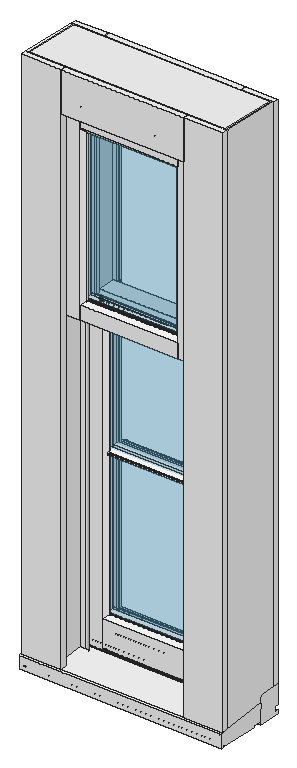
Revit family "B1-12", category Generic Models, Revit 2012
Parameters (values of type "Window Sill drawing")
  Width = 1600 mm
  Height = 1250 mm
  GlazingPanelMaterial = Glass
  Floor Material = White
Reference planes
  plane 1 "Center (Front/Back)": y = 0
  plane 2: z = 0
  plane 3 "Center (Left/Right)": x = 0
  plane 4: z = 1397
  plane 5: x = -800
  plane 6: y = -21.25
  plane 7: y = 152.75
  plane 8: x = -669
  plane 9: y = -21.25
  plane 10: z = 872.63
  plane 11: z = 828.63
  plane 12: z = 1297
  plane 13: z = 1311
  plane 14: z = 33
  plane 15: z = 129.004
  plane 16: z = 1315
  plane 17: z = 68
  plane 18: x = -288.504
  plane 19: x = -419.504
  plane 20: z = 1397
  plane 21: z = 1397
Forms (mm)
  Extrusion 1, solid, material "White" <- "Floor Material"
    sketch origin (250, 0, 562.324) x (0, 1, 0) y (0, 0, 1)
      loop
        arc (117, 270.705) -> (122.657, 273.048) -> (125, 278.705) r 8
        line (125, 278.705) -> (128, 278.705) -> (128, 283.705) -> (109, 283.705) -> (109, 271.705) -> (112, 271.705) -> (113, 267.705) -> (117, 267.705) -> (117, 270.705)
      loop
        line (105, 279.705) -> (89, 279.705) -> (89, 269.705) -> (105, 269.705) -> (105, 279.705)
      loop
        line (60, 266.306) -> (60, 292.705) -> (54, 292.705) -> (54, 295.705) -> (12, 295.705) -> (12, 311.705) -> (10, 311.705) -> (0, 301.705) -> (0, 266.306) -> (30.175, 266.306) -> (60, 266.306)
      loop
        line (34, 309.705) -> (18, 309.705) -> (18, 299.705) -> (34, 299.705) -> (34, 309.705)
      loop
        arc (55.274, 295.287) -> (54.259, 294.303) -> (55.243, 293.287) r 1
        line (55.243, 293.287) -> (62.742, 293.171) -> (62.804, 297.139) -> (64.817, 294.296)
        arc (64.817, 294.296) -> (66.131, 294.377) -> (66.253, 295.688) r 1.012
        line (66.253, 295.688) -> (63.331, 299.816)
        arc (63.331, 299.816) -> (61.849, 300.363) -> (60.806, 299.177) r 1.396
        line (60.806, 299.177) -> (60.744, 295.202) -> (55.274, 295.287)
    from -917.922 to -670.545
  Extrusion 2, solid, material "White" <- "Floor Material"
    sketch origin (1015, 13.291, 509.518) x (0, 1, 0) y (0, 0, 1)
      loop
        line (69.709, 336.511) -> (96.209, 336.511) -> (96.209, 363.113) -> (50.709, 363.113) -> (50.709, 359.511) -> (52.709, 349.511) -> (57.709, 349.511) -> (57.709, 339.968) -> (63.93, 339.968) -> (63.93, 336.511) -> (57.709, 336.511) -> (57.709, 320.511) -> (69.709, 320.511) -> (69.709, 336.511)
      loop
        line (53.709, 320.511) -> (53.709, 325.511) -> (51.709, 335.511) -> (46.709, 335.511) -> (46.709, 320.511) -> (53.709, 320.511)
      loop
        line (46.709, 364.511) -> (28.709, 364.511) -> (27.709, 360.511) -> (24.709, 360.511) -> (24.709, 348.511) -> (46.709, 348.511) -> (46.709, 364.511)
      loop
        arc (62.149, 337.126) -> (63.157, 338.117) -> (62.166, 339.126) r 1
        line (62.166, 339.126) -> (54.667, 339.191) -> (54.632, 335.222) -> (52.6, 338.052)
        arc (52.6, 338.052) -> (51.286, 337.962) -> (51.173, 336.65) r 1.012
        line (51.173, 336.65) -> (54.123, 332.542)
        arc (54.123, 332.542) -> (55.609, 332.005) -> (56.644, 333.198) r 1.396
        line (56.644, 333.198) -> (56.679, 337.174) -> (62.149, 337.126)
    from -1684 to -1434.582
  Extrusion 3, solid, material "White" <- "Floor Material"
    sketch origin (865, 123.171, 523.242) x (0, 1, 0) y (0, 0, 1)
      loop
        line (-14.171, 306.296) -> (-10.171, 306.787) -> (-11.171, 310.787) -> (-14.171, 310.787) -> (-14.171, 306.296)
      loop
        line (-38.171, 306.542) -> (-38.171, 309.542) -> (-40.171, 309.787) -> (-40.171, 306.787) -> (-38.171, 306.542)
      loop
        line (-85.171, 351.278) -> (-85.171, 346.787) -> (-82.171, 346.787) -> (-81.171, 350.787) -> (-85.171, 351.278)
      loop
        line (-111.171, 347.787) -> (-109.171, 348.033) -> (-109.171, 351.033) -> (-111.171, 350.787) -> (-111.171, 347.787)
    from -1534 to -1284.582
  Extrusion 4, solid, material "Glass" <- "GlazingPanelMaterial"
    sketch origin (150, 64.106, 220.533) x (0, 1, 0) y (0, 0, 1)
      loop
        line (44.88, -103.528) -> (44.88, 613.496) -> (40.88, 613.496) -> (40.88, -103.528) -> (44.88, -103.528)
      loop
        line (24.88, 611.496) -> (20.88, 611.496) -> (20.88, -103.528) -> (24.88, -103.528) -> (24.88, 611.496)
    from -819 to -569.582
  Extrusion 5, solid, material "White" <- "Floor Material"
    sketch origin (761.418, 125.498, 869.228) x (0, -0.121869, -0.992546) y (0, 0.992546, -0.121869)
      loop
        line (28.327, -57.65) -> (23.969, -54.354)
        arc (23.969, -54.354) -> (22.506, -54.612) -> (22.765, -56.075) r 1.05
        line (22.765, -56.075) -> (26.332, -58.837)
        arc (26.332, -58.837) -> (26.584, -59.776) -> (25.835, -60.396) r 0.9
        line (25.835, -60.396) -> (19.693, -61.15)
        arc (19.693, -61.15) -> (19.162, -61.383) -> (18.989, -61.936) r 0.7
        line (18.989, -61.936) -> (19.197, -63.633) -> (19.712, -64.398) -> (20.1, -67.562) -> (19.196, -66.76) -> (19.293, -67.554) -> (20.152, -68.225) -> (20.951, -68.183) -> (23.094, -67.324) -> (22.996, -66.53) -> (20.532, -66.978) -> (20.205, -64.315)
        arc (20.205, -64.315) -> (20.389, -63.651) -> (20.989, -63.312) r 0.9
        line (20.989, -63.312) -> (28.761, -62.358)
        arc (28.761, -62.358) -> (29.205, -62.1) -> (29.324, -61.601) r 0.65
        line (29.324, -61.601) -> (28.752, -58.33)
        arc (28.752, -58.33) -> (28.631, -57.932) -> (28.327, -57.65) r 0.798
    from -1430.418 to -1181
  Extrusion 6, solid, material "White" <- "Floor Material"
    sketch origin (911.418, 126.532, 870.463) x (0, -0.121869, -0.992546) y (0, 0.992546, -0.121869)
      loop
        arc (25.38, -55.148) -> (23.778, -55.428) -> (24.057, -57.03) r 1.15
        line (24.057, -57.03) -> (27.62, -59.789)
        arc (27.62, -59.789) -> (27.84, -60.623) -> (27.175, -61.172) r 0.8
        line (27.175, -61.172) -> (20.939, -61.931)
        arc (20.939, -61.931) -> (20.405, -62.232) -> (20.241, -62.823) r 0.8
        line (20.241, -62.823) -> (20.45, -64.52) -> (20.968, -65.312) -> (21.339, -68.337) -> (20.548, -67.635) -> (20.645, -68.429) -> (21.504, -69.1) -> (22.303, -69.058) -> (24.446, -68.2) -> (24.348, -67.406) -> (21.983, -67.835) -> (21.657, -65.178)
        arc (21.657, -65.178) -> (21.82, -64.588) -> (22.353, -64.287) r 0.8
        line (22.353, -64.287) -> (30.127, -63.332)
        arc (30.127, -63.332) -> (30.638, -63.034) -> (30.774, -62.459) r 0.75
        line (30.774, -62.459) -> (30.244, -59.424)
        arc (30.244, -59.424) -> (30.154, -58.918) -> (29.833, -58.516) r 1.042
        line (29.833, -58.516) -> (25.38, -55.148)
    from -1580.418 to -1331
  Extrusion 7, solid, material "White" <- "Floor Material"
    sketch origin (861.418, 121.497, 882.106) x (0, -0.121869, -0.992546) y (0, 0.992546, -0.121869)
      loop
        line (37.899, -55.316) -> (32.161, -55.997)
        arc (32.161, -55.997) -> (31.827, -56.184) -> (31.724, -56.554) r 0.5
        line (31.724, -56.554) -> (32.395, -62.021) -> (31.491, -61.219) -> (31.588, -62.013) -> (32.447, -62.684) -> (33.246, -62.642) -> (35.389, -61.784) -> (35.291, -60.989) -> (32.827, -61.437) -> (32.285, -57.019)
        arc (32.285, -57.019) -> (32.428, -56.659) -> (32.772, -56.479) r 0.558
        line (32.772, -56.479) -> (37.96, -55.818)
        arc (37.96, -55.818) -> (38.179, -55.536) -> (37.899, -55.316) r 0.253
    from -1530.418 to -1281
  Extrusion 8, solid, material "White" <- "Floor Material"
    sketch origin (-78.582, 5.502, 835.112) x (0, 0.121869, 0.992546) y (0, -0.992546, 0.121869)
      loop
        line (28.327, -57.65) -> (23.969, -54.354)
        arc (23.969, -54.354) -> (22.506, -54.612) -> (22.765, -56.075) r 1.05
        line (22.765, -56.075) -> (26.332, -58.837)
        arc (26.332, -58.837) -> (26.584, -59.776) -> (25.835, -60.396) r 0.9
        line (25.835, -60.396) -> (19.693, -61.15)
        arc (19.693, -61.15) -> (19.162, -61.383) -> (18.989, -61.936) r 0.7
        line (18.989, -61.936) -> (19.197, -63.633) -> (19.712, -64.398) -> (20.1, -67.562) -> (19.196, -66.76) -> (19.293, -67.554) -> (20.152, -68.225) -> (20.951, -68.183) -> (23.094, -67.324) -> (22.996, -66.53) -> (20.532, -66.978) -> (20.205, -64.315)
        arc (20.205, -64.315) -> (20.389, -63.651) -> (20.989, -63.312) r 0.9
        line (20.989, -63.312) -> (28.761, -62.358)
        arc (28.761, -62.358) -> (29.205, -62.1) -> (29.324, -61.601) r 0.65
        line (29.324, -61.601) -> (28.752, -58.33)
        arc (28.752, -58.33) -> (28.631, -57.932) -> (28.327, -57.65) r 0.798
    from -590.418 to -341
  Extrusion 9, solid, material "White" <- "Floor Material"
    sketch origin (736.418, 9.503, 822.234) x (0, 0.121869, 0.992546) y (0, -0.992546, 0.121869)
      loop
        line (37.899, -55.316) -> (32.161, -55.997)
        arc (32.161, -55.997) -> (31.827, -56.184) -> (31.724, -56.554) r 0.5
        line (31.724, -56.554) -> (32.395, -62.021) -> (31.491, -61.219) -> (31.588, -62.013) -> (32.447, -62.684) -> (33.246, -62.642) -> (35.389, -61.784) -> (35.291, -60.989) -> (32.827, -61.437) -> (32.285, -57.019)
        arc (32.285, -57.019) -> (32.428, -56.659) -> (32.772, -56.479) r 0.558
        line (32.772, -56.479) -> (37.96, -55.818)
        arc (37.96, -55.818) -> (38.179, -55.536) -> (37.899, -55.316) r 0.253
    from -1405.418 to -1156
  Extrusion 10, solid, material "White" <- "Floor Material"
    sketch origin (815, 0, 562.324) x (0, 1, 0) y (0, 0, 1)
      loop
        line (38, 299.705) -> (12, 299.705) -> (12, 295.705) -> (38, 295.705) -> (38, 299.705)
      loop
        line (109, 283.705) -> (83, 283.705) -> (83, 279.705) -> (109, 279.705) -> (109, 283.705)
    from -1484 to -1234.582
  Extrusion 11, solid, not visible
    sketch origin (0, 0, 9.375) x (0, 1, 0) y (0, 0, 1)
      loop
        line (94.662, 311.911) -> (94.314, 312.868) -> (95.314, 312.868) -> (93.454, 317.977) -> (86.115, 317.977) -> (85.011, 317.575) -> (64.143, 317.575) -> (64.143, 311.911) -> (94.662, 311.911)
    from 0 to 250
  Extrusion 12, solid, not visible
    sketch origin (0, 0, 9.375) x (0, 1, 0) y (0, 0, 1)
      loop
        line (93.688, 317.334) -> (85.92, 317.334) -> (87.101, 312.926) -> (95.293, 312.926) -> (93.688, 317.334)
      loop
        line (91.853, 322.376) -> (91.853, 328.194)
        arc (91.853, 328.194) -> (91.424, 329.231) -> (90.388, 329.66) r 1.465
        line (90.388, 329.66) -> (71.853, 329.66) -> (71.853, 322.376) -> (91.853, 322.376)
      loop
        line (73.373, 320.598) -> (64.143, 320.598) -> (64.143, 317.575) -> (73.373, 317.575) -> (73.373, 320.598)
      loop
        line (61.169, 311.884) -> (61.169, 316.884) -> (56.169, 316.884)
        arc (56.169, 316.884) -> (53.926, 317.813) -> (52.996, 320.057) r 3.173
        line (52.996, 320.057) -> (52.996, 327.594)
        arc (52.996, 327.594) -> (53.247, 329.284) -> (54.656, 330.25) r 2.138
        line (54.656, 330.25) -> (56.493, 330.25)
        arc (56.493, 330.25) -> (57.939, 329.727) -> (58.925, 328.548) r 2.95
        line (58.925, 328.548) -> (59.306, 324.922) -> (61.24, 324.922) -> (60.612, 330.901)
        arc (60.612, 330.901) -> (59.723, 332.646) -> (57.894, 333.348) r 2.733
        line (57.894, 333.348) -> (52.423, 333.348)
        arc (52.423, 333.348) -> (50.164, 330.795) -> (49.999, 327.391) r 5.139
        line (49.999, 327.391) -> (47.957, 316.884)
        arc (47.957, 316.884) -> (49.179, 314.507) -> (49.698, 311.884) r 9.583
        line (49.698, 311.884) -> (61.169, 311.884)
    from 0 to 250
  Extrusion 13, solid, material "White" <- "Floor Material"
    sketch origin (0, -21.25, 1002.251) x (0, 1, 0) y (0, 0, 1)
      loop
        arc (81.5, 305.749) -> (80.621, 307.871) -> (78.5, 308.749) r 3
        line (78.5, 308.749) -> (73.5, 308.749) -> (73.5, 302.749) -> (70.5, 302.749) -> (70.5, 308.749) -> (24.5, 308.749)
        arc (24.5, 308.749) -> (22.379, 307.871) -> (21.5, 305.749) r 3
        line (21.5, 305.749) -> (21.5, 262.749) -> (31.5, 252.749) -> (33.5, 252.749) -> (33.5, 268.749) -> (81.5, 268.749) -> (81.5, 305.749)
    from -667.921 to -420.582
  Extrusion 14, solid, material "White" <- "Floor Material"
    sketch origin (50, -21.25, 1013.188) x (0, 1, 0) y (0, 0, 1)
      loop
        line (78.5, 268.749) -> (59.5, 268.749) -> (59.5, 256.749) -> (62.5, 256.749) -> (63.5, 252.749) -> (67.5, 252.749) -> (67.5, 255.749)
        arc (67.5, 255.749) -> (73.157, 258.092) -> (75.5, 263.749) r 8
        line (75.5, 263.749) -> (78.5, 263.749) -> (78.5, 268.749)
      loop
        line (67.534, 317.378) -> (63.288, 313.116) -> (63.101, 309.432)
        arc (63.101, 309.432) -> (63.279, 308.951) -> (63.75, 308.749) r 0.65
        line (63.75, 308.749) -> (71.582, 308.749)
        arc (71.582, 308.749) -> (72.219, 308.486) -> (72.482, 307.849) r 0.9
        line (72.482, 307.849) -> (72.482, 305.266) -> (69.639, 305.266) -> (69.639, 304.437) -> (70.5, 304.437) -> (72.582, 304.032) -> (73.5, 304.437) -> (73.5, 308.749) -> (73.4, 310.459)
        arc (73.4, 310.459) -> (73.16, 310.987) -> (72.605, 311.153) r 0.7
        line (72.605, 311.153) -> (66.417, 311.153)
        arc (66.417, 311.153) -> (65.695, 311.514) -> (65.553, 312.309) r 0.9
        line (65.553, 312.309) -> (68.938, 315.817)
        arc (68.938, 315.817) -> (69.016, 317.299) -> (67.534, 317.378) r 1.05
    from -719 to -469.582
  Extrusion 15, solid, material "White" <- "Floor Material"
    sketch origin (50, -21.25, 1002.251) x (0, 1, 0) y (0, 0, 1)
      loop
        line (154, 344.749) -> (154, 388.749) -> (20, 388.749) -> (20, 344.749) -> (154, 344.749)
    from -749.921 to -438.582
  Extrusion 16, solid, material "Glass" <- "GlazingPanelMaterial"
    sketch origin (0, -6.957, 1101.493) x (0, 1, 0) y (0, 0, 1)
      loop
        line (45.207, -226.973) -> (45.207, 169.507) -> (41.207, 169.507) -> (41.207, -226.973) -> (45.207, -226.973)
      loop
        line (24.957, 169.507) -> (20.957, 169.507) -> (20.957, -226.973) -> (24.957, -226.973) -> (24.957, 169.507)
    from -669 to -419.582
  Extrusion 17, solid, material "White" <- "Floor Material"
    sketch origin (-72.332, 95.318, 1434.485) x (0, 1, 0) y (0, 0, 1)
      loop
        line (-97.368, -115.408) -> (-98.782, -115.408) -> (-98.782, -120.691) -> (-97.368, -120.691) -> (-97.368, -119.602) -> (-97.368, -116.493) -> (-97.368, -115.408)
    from -596.668 to -347.25
  Extrusion 18, solid, material "White" <- "Floor Material"
    sketch origin (50, -21.25, 1013.188) x (0, 1, 0) y (0, 0, 1)
      loop
        line (17, 304.499) -> (13, 304.499) -> (13, 301.999) -> (17, 301.999) -> (17, 299.749) -> (20, 299.749) -> (20, 301.694) -> (19.2, 301.694) -> (19.2, 300.606) -> (17.786, 300.606) -> (17.786, 305.893) -> (19.2, 305.893) -> (19.2, 304.804) -> (20, 304.804) -> (20, 306.749) -> (17, 306.749) -> (17, 304.499)
    from -719 to -469.582
  Extrusion 19, solid, material "White" <- "Floor Material"
    sketch origin (50, -21.25, 1013.188) x (0, 1, 0) y (0, 0, 1)
      loop
        line (23.862, 300.393) -> (23.862, 306.074)
        spline (23.862, 306.074) -> (23.6, 305.683) -> (23.284, 305.425) -> (22.922, 305.27) -> (22.524, 305.189) -> (22.101, 305.153) -> (21.66, 305.133) -> (21.213, 305.1) -> (20.767, 305.024) -> (20.334, 304.876) -> (19.922, 304.627) -> (19.541, 304.248) -> (19.2, 303.71)
        line (19.2, 303.71) -> (19.2, 302.476)
        spline (19.2, 302.476) -> (19.558, 301.967) -> (19.948, 301.615) -> (20.362, 301.392) -> (20.792, 301.269) -> (21.23, 301.216) -> (21.669, 301.205) -> (22.099, 301.206) -> (22.515, 301.191) -> (22.906, 301.132) -> (23.267, 300.998) -> (23.588, 300.761) -> (23.862, 300.393)
    from -719 to -469.582
  Extrusion 20, solid, material "White" <- "Floor Material"
    sketch origin (-22.332, 36.182, 1434.485) x (0, -1, 0) y (0, 0, -1)
      loop
        line (-97.368, 115.408) -> (-97.368, 116.493) -> (-97.368, 119.602) -> (-97.368, 120.691) -> (-98.782, 120.691) -> (-98.782, 115.408) -> (-97.368, 115.408)
    from -646.668 to -397.25
  Extrusion 21, solid, material "White" <- "Floor Material"
    sketch origin (25, 152.75, 1013.188) x (0, -1, 0) y (0, 0, -1)
      loop
        spline (23.862, -300.393) -> (23.588, -300.761) -> (23.267, -300.998) -> (22.906, -301.132) -> (22.515, -301.191) -> (22.099, -301.206) -> (21.669, -301.205) -> (21.23, -301.216) -> (20.792, -301.269) -> (20.362, -301.392) -> (19.948, -301.615) -> (19.558, -301.967) -> (19.2, -302.476)
        line (19.2, -302.476) -> (19.2, -303.71)
        spline (19.2, -303.71) -> (19.541, -304.248) -> (19.922, -304.627) -> (20.334, -304.876) -> (20.767, -305.024) -> (21.213, -305.1) -> (21.66, -305.133) -> (22.101, -305.153) -> (22.524, -305.189) -> (22.922, -305.27) -> (23.284, -305.425) -> (23.6, -305.683) -> (23.862, -306.074)
        line (23.862, -306.074) -> (23.862, -300.393)
    from -694 to -444.582
  Extrusion 22, solid, material "White" <- "Floor Material"
    sketch origin (50, 234.566, 1129.409) x (0, 1, 0) y (0, 0, 1)
      loop
        line (-222.316, 137.529) -> (-220.566, 137.744) -> (-220.566, 140.529) -> (-222.316, 140.529) -> (-222.316, 137.529)
      loop
        line (-193.316, 140.529) -> (-196.316, 140.529) -> (-196.316, 136.529) -> (-192.316, 136.529) -> (-193.316, 140.529)
    from -719 to -469.582
  Extrusion 23, solid, material "White" <- "Floor Material"
    sketch origin (50, -21.25, 1002.251) x (0, 1, 0) y (0, 0, 1)
      loop
        line (174, 312.749) -> (174, 388.749) -> (20, 388.749) -> (20, 329.749) -> (15, 329.749) -> (15, 321.749) -> (20, 321.749) -> (20, 312.749) -> (83, 312.749) -> (83, 319.749) -> (91, 319.749) -> (91, 312.749) -> (174, 312.749)
    from -767.938 to -420.582
  Extrusion 24, solid, material "White" <- "Floor Material"
    sketch origin (-172.332, 69.685, -12.907) x (0, -1, 0) y (0, 0, -1)
      loop
        line (-28.815, -17.907) -> (-28.815, -45.907) -> (-33.815, -45.907) -> (-33.815, -60.907) -> (-28.815, -60.907) -> (92.551, -46.005)
        arc (92.551, -46.005) -> (94.432, -45.015) -> (95.185, -43.027) r 3
        line (95.185, -43.027) -> (95.185, -12.907) -> (90.185, -12.907) -> (90.185, -14.907)
        arc (90.185, -14.907) -> (87.185, -17.907) -> (84.185, -14.907) r 3
        line (84.185, -14.907) -> (84.185, -12.907) -> (-8.815, -12.907) -> (-8.815, -17.907) -> (-28.815, -17.907)
    from -627.668 to -116.171
  Extrusion 25, solid, material "White" <- "Floor Material"
    sketch origin (-172.332, 69.685, 0) x (0, -1, 0) y (0, 0, -1)
      loop
        line (-82.815, 0) -> (-82.815, -10) -> (-72.815, -10) -> (-72.815, -20) -> (-82.815, -20) -> (-82.815, -68) -> (-62.815, -68) -> (-28.815, -63.825) -> (-28.815, -58.913)
        arc (-28.815, -58.913) -> (-31.815, -55.913) -> (-28.815, -52.913) r 3
        line (-28.815, -52.913) -> (-28.815, -48) -> (-33.815, -48) -> (-33.815, -33) -> (-28.815, -33) -> (-28.815, 0) -> (-82.815, 0)
    from -627.668 to -116.171
  Extrusion 26, solid, material "White" <- "Floor Material"
    sketch origin (-172.332, 75.723, -26.266) x (0, -1, 0) y (0, 0, -1)
      loop
        line (-6.277, -76.621) -> (-17.277, -77.972) -> (-17.277, -99.936) -> (-21.277, -99.936) -> (-21.277, -139.271) -> (-7.277, -139.271) -> (-7.277, -155.271) -> (-5.277, -155.271) -> (4.723, -145.271) -> (4.723, -77.246)
        arc (4.723, -77.246) -> (3.711, -74.999) -> (1.357, -74.268) r 3
        line (1.357, -74.268) -> (-3.277, -74.837) -> (-3.277, -82.253) -> (-6.277, -82.253) -> (-6.277, -76.621)
      loop
        line (-55.277, -139.271) -> (-29.277, -139.271) -> (-29.277, -99.936) -> (-33.277, -99.936) -> (-33.277, -94.936) -> (-44.277, -96.287) -> (-44.277, -102.287) -> (-47.277, -102.287) -> (-47.277, -96.655) -> (-52.643, -97.314)
        arc (-52.643, -97.314) -> (-54.524, -98.304) -> (-55.277, -100.292) r 3
        line (-55.277, -100.292) -> (-55.277, -139.271)
    from -495.589 to -248.25
  Extrusion 27, solid, material "White" <- "Floor Material"
    sketch origin (-172.332, 36.806, -33.552) x (0, -1, 0) y (0, 0, -1)
      loop
        line (-97.22, -108.207) -> (-97.22, -106.552) -> (-98.72, -106.552) -> (-98.72, -111.552) -> (-97.22, -111.552) -> (-97.22, -109.898)
        spline (-97.22, -109.898) -> (-96.846, -110.536) -> (-96.419, -110.991) -> (-95.951, -111.297) -> (-95.454, -111.486) -> (-94.941, -111.593) -> (-94.423, -111.65) -> (-93.912, -111.691) -> (-93.422, -111.75) -> (-92.964, -111.859) -> (-92.55, -112.054) -> (-92.193, -112.366) -> (-91.905, -112.83)
        line (-91.905, -112.83) -> (-91.905, -105.274)
        spline (-91.905, -105.274) -> (-92.193, -105.738) -> (-92.55, -106.051) -> (-92.964, -106.245) -> (-93.422, -106.355) -> (-93.912, -106.414) -> (-94.423, -106.455) -> (-94.941, -106.512) -> (-95.454, -106.619) -> (-95.951, -106.808) -> (-96.419, -107.113) -> (-96.846, -107.569) -> (-97.22, -108.207)
    from -496.668 to -247.25
  Extrusion 28, solid, material "White" <- "Floor Material"
    sketch origin (-172.332, 73.367, -7.569) x (0, -1, 0) y (0, 0, -1)
      loop
        line (-54.633, -125.574) -> (-51.633, -125.574)
        arc (-51.633, -125.574) -> (-49.289, -131.23) -> (-43.633, -133.574) r 8
        line (-43.633, -133.574) -> (-43.633, -136.574) -> (-39.633, -136.574) -> (-38.633, -132.574) -> (-35.633, -132.574) -> (-35.633, -120.574) -> (-54.633, -120.574) -> (-54.633, -125.574)
    from -496.668 to -247.25
  Extrusion 29, solid, material "White" <- "Floor Material"
    sketch origin (-172.332, 69.685, 0) x (0, -1, 0) y (0, 0, -1)
      loop
        line (-39.315, -113.004) -> (-39.315, -117.004) -> (-15.315, -117.004) -> (-15.315, -126.25) -> (-13.315, -126.004) -> (-13.315, -113.004) -> (-39.315, -113.004)
    from -496.668 to -247.25
  Extrusion 30, solid, material "White" <- "Floor Material"
    sketch origin (-153.582, 101.098, -13.29) x (0, -1, 0) y (0, 0, -1)
      loop
        line (28.327, -57.65) -> (23.969, -54.354)
        arc (23.969, -54.354) -> (22.506, -54.612) -> (22.765, -56.075) r 1.05
        line (22.765, -56.075) -> (26.332, -58.837)
        arc (26.332, -58.837) -> (26.584, -59.776) -> (25.835, -60.396) r 0.9
        line (25.835, -60.396) -> (19.693, -61.15)
        arc (19.693, -61.15) -> (19.162, -61.383) -> (18.989, -61.936) r 0.7
        line (18.989, -61.936) -> (19.197, -63.633) -> (19.712, -64.398) -> (20.1, -67.562) -> (19.196, -66.76) -> (19.293, -67.554) -> (20.152, -68.225) -> (20.951, -68.183) -> (23.094, -67.324) -> (22.996, -66.53) -> (20.532, -66.978) -> (20.205, -64.315)
        arc (20.205, -64.315) -> (20.389, -63.651) -> (20.989, -63.312) r 0.9
        line (20.989, -63.312) -> (28.761, -62.358)
        arc (28.761, -62.358) -> (29.205, -62.1) -> (29.324, -61.601) r 0.65
        line (29.324, -61.601) -> (28.752, -58.33)
        arc (28.752, -58.33) -> (28.631, -57.932) -> (28.327, -57.65) r 0.798
    from -546.339 to -235
  Extrusion 31, solid, material "White" <- "Floor Material"
    sketch origin (-153.582, 113.393, -7.749) x (0, -1, 0) y (0, 0, -1)
      loop
        line (37.899, -55.316) -> (32.161, -55.997)
        arc (32.161, -55.997) -> (31.827, -56.184) -> (31.724, -56.554) r 0.5
        line (31.724, -56.554) -> (32.395, -62.021) -> (31.491, -61.219) -> (31.588, -62.013) -> (32.447, -62.684) -> (33.246, -62.642) -> (35.389, -61.784) -> (35.291, -60.989) -> (32.827, -61.437) -> (32.285, -57.019)
        arc (32.285, -57.019) -> (32.428, -56.659) -> (32.772, -56.479) r 0.558
        line (32.772, -56.479) -> (37.96, -55.818)
        arc (37.96, -55.818) -> (38.179, -55.536) -> (37.899, -55.316) r 0.253
    from -515.418 to -266
  Extrusion 32, solid, material "White" <- "Floor Material"
    sketch origin (-172.332, 69.685, 0) x (0, -1, 0) y (0, 0, -1)
      loop
        line (-35.315, -127.004) -> (-19.315, -127.004) -> (-19.315, -117.004) -> (-35.315, -117.004) -> (-35.315, -127.004)
    from -496.668 to -247.25
  Extrusion 33, solid, material "White" <- "Floor Material"
    sketch origin (-153.582, 142.098, 6.744) x (0, -1, 0) y (0, 0, -1)
      loop
        line (28.327, -57.65) -> (23.969, -54.354)
        arc (23.969, -54.354) -> (22.506, -54.612) -> (22.765, -56.075) r 1.05
        line (22.765, -56.075) -> (26.332, -58.837)
        arc (26.332, -58.837) -> (26.584, -59.776) -> (25.835, -60.396) r 0.9
        line (25.835, -60.396) -> (19.693, -61.15)
        arc (19.693, -61.15) -> (19.162, -61.383) -> (18.989, -61.936) r 0.7
        line (18.989, -61.936) -> (19.197, -63.633) -> (19.712, -64.398) -> (20.1, -67.562) -> (19.196, -66.76) -> (19.293, -67.554) -> (20.152, -68.225) -> (20.951, -68.183) -> (23.094, -67.324) -> (22.996, -66.53) -> (20.532, -66.978) -> (20.205, -64.315)
        arc (20.205, -64.315) -> (20.389, -63.651) -> (20.989, -63.312) r 0.9
        line (20.989, -63.312) -> (28.761, -62.358)
        arc (28.761, -62.358) -> (29.205, -62.1) -> (29.324, -61.601) r 0.65
        line (29.324, -61.601) -> (28.752, -58.33)
        arc (28.752, -58.33) -> (28.631, -57.932) -> (28.327, -57.65) r 0.798
    from -515.418 to -266
  Extrusion 34, solid, material "White" <- "Floor Material"
    sketch origin (-153.582, 143.45, 5.869) x (0, -1, 0) y (0, 0, -1)
      loop
        arc (25.38, -55.148) -> (23.778, -55.428) -> (24.057, -57.03) r 1.15
        line (24.057, -57.03) -> (27.62, -59.789)
        arc (27.62, -59.789) -> (27.84, -60.623) -> (27.175, -61.172) r 0.8
        line (27.175, -61.172) -> (20.939, -61.931)
        arc (20.939, -61.931) -> (20.405, -62.232) -> (20.241, -62.823) r 0.8
        line (20.241, -62.823) -> (20.45, -64.52) -> (20.968, -65.312) -> (21.339, -68.337) -> (20.548, -67.635) -> (20.645, -68.429) -> (21.504, -69.1) -> (22.303, -69.058) -> (24.446, -68.2) -> (24.348, -67.406) -> (21.983, -67.835) -> (21.657, -65.178)
        arc (21.657, -65.178) -> (21.82, -64.588) -> (22.353, -64.287) r 0.8
        line (22.353, -64.287) -> (30.127, -63.332)
        arc (30.127, -63.332) -> (30.638, -63.034) -> (30.774, -62.459) r 0.75
        line (30.774, -62.459) -> (30.244, -59.424)
        arc (30.244, -59.424) -> (30.154, -58.918) -> (29.833, -58.516) r 1.042
        line (29.833, -58.516) -> (25.38, -55.148)
    from -515.418 to -266
  Extrusion 35, solid, material "White" <- "Floor Material"
    sketch origin (-153.582, 154.393, 12.285) x (0, -1, 0) y (0, 0, -1)
      loop
        line (37.899, -55.316) -> (32.161, -55.997)
        arc (32.161, -55.997) -> (31.827, -56.184) -> (31.724, -56.554) r 0.5
        line (31.724, -56.554) -> (32.395, -62.021) -> (31.491, -61.219) -> (31.588, -62.013) -> (32.447, -62.684) -> (33.246, -62.642) -> (35.389, -61.784) -> (35.291, -60.989) -> (32.827, -61.437) -> (32.285, -57.019)
        arc (32.285, -57.019) -> (32.428, -56.659) -> (32.772, -56.479) r 0.558
        line (32.772, -56.479) -> (37.96, -55.818)
        arc (37.96, -55.818) -> (38.179, -55.536) -> (37.899, -55.316) r 0.253
    from -515.418 to -266
  Extrusion 36, solid, material "White" <- "Floor Material"
    sketch origin (-172.332, 69.685, 0) x (0, -1, 0) y (0, 0, -1)
      loop
        line (-39.315, -129.495) -> (-39.315, -125.004) -> (-42.315, -125.004) -> (-43.315, -129.004) -> (-39.315, -129.495)
      loop
        line (-15.315, -129.25) -> (-13.315, -129.004) -> (-13.315, -126.004) -> (-15.315, -126.25) -> (-15.315, -129.25)
    from -496.668 to -247.25
  Extrusion 37, solid, material "White" <- "Floor Material"
    sketch origin (-511.418, -643.153, 0) x (1, 0, 0) y (0, 1, 0)
      loop
        line (-280.004, 695.902) -> (-280.004, 650.902) -> (-235.004, 650.902) -> (-235.004, 695.902) -> (-280.004, 695.902)
      loop
        circle (-257.504, 673.402) r 3.5
      loop
        circle (-257.504, 744.402) r 3.5
      loop
        line (-235.004, 766.902) -> (-280.004, 766.902) -> (-280.004, 721.902) -> (-235.004, 721.902) -> (-235.004, 766.902)
      loop
        line (-281.504, 707.402) -> (-233.504, 707.402) -> (-233.504, 710.402) -> (-281.504, 710.402) -> (-281.504, 707.402)
      loop
        line (-206.504, 712.902) -> (-213.504, 712.902) -> (-213.504, 704.902) -> (-192.504, 704.902)
        arc (-192.504, 704.902) -> (-188.504, 708.902) -> (-192.504, 712.902) r 4
        line (-192.504, 712.902) -> (-206.504, 712.902)
    from 33 to 1297
  Extrusion 38, solid, material "White" <- "Floor Material"
    sketch origin (-511.434, -643.965, 0) x (1, 0, 0) y (0, 1, 0)
      loop
        line (-209.504, 752.402) -> (-254.504, 752.402) -> (-254.504, 736.402) -> (-209.504, 736.402) -> (-209.504, 729.902) -> (-206.504, 729.902) -> (-206.504, 758.902) -> (-209.504, 758.902) -> (-209.504, 752.402)
      loop
        line (-254.504, 681.402) -> (-254.504, 665.402) -> (-209.504, 665.402) -> (-209.504, 658.902) -> (-206.504, 658.902) -> (-206.504, 687.902) -> (-209.504, 687.902) -> (-209.504, 681.402) -> (-254.504, 681.402)
    from 33 to 1297
  Extrusion 39, solid, material "White" <- "Floor Material"
    sketch origin (-511.418, -571.902, -672) x (1, 0, 0) y (0, 1, 0)
      loop
        line (-156.504, 643.402) -> (-146.504, 653.402) -> (-146.504, 655.402) -> (-162.504, 655.402) -> (-162.504, 703.402) -> (-199.504, 703.402)
        arc (-199.504, 703.402) -> (-201.625, 702.524) -> (-202.504, 700.402) r 3
        line (-202.504, 700.402) -> (-202.504, 679.402) -> (-196.504, 679.402) -> (-196.504, 667.402) -> (-202.504, 667.402) -> (-202.504, 654.402) -> (-196.504, 654.402) -> (-196.504, 651.402) -> (-202.504, 651.402) -> (-202.504, 646.402)
        arc (-202.504, 646.402) -> (-201.625, 644.281) -> (-199.504, 643.402) r 3
        line (-199.504, 643.402) -> (-156.504, 643.402)
    from 717.039 to 1502.029
  Extrusion 40, solid, material "White" <- "Floor Material"
    sketch origin (-511.418, -571.902, -672) x (1, 0, 0) y (0, 1, 0)
      loop
        line (-162.504, 700.402) -> (-162.504, 681.402) -> (-150.504, 681.402) -> (-150.504, 684.402) -> (-146.504, 685.402) -> (-146.504, 689.402) -> (-149.504, 689.402)
        arc (-149.504, 689.402) -> (-151.847, 695.059) -> (-157.504, 697.402) r 8
        line (-157.504, 697.402) -> (-157.504, 700.402) -> (-162.504, 700.402)
    from 705 to 1544.63
  Extrusion 41, solid, not visible
    sketch origin (-848.022, -244.537, 0) x (1, 0, 0) y (0, 1, 0)
      loop
        line (-156.504, 643.402) -> (-146.504, 653.402) -> (-146.504, 655.402) -> (-162.504, 655.402) -> (-162.504, 703.402) -> (-199.504, 703.402)
        arc (-199.504, 703.402) -> (-201.625, 702.524) -> (-202.504, 700.402) r 3
        line (-202.504, 700.402) -> (-202.504, 695.402) -> (-196.504, 695.402) -> (-196.504, 692.402) -> (-202.504, 692.402) -> (-202.504, 679.402) -> (-196.504, 679.402) -> (-196.504, 667.402) -> (-202.504, 667.402) -> (-202.504, 646.402)
        arc (-202.504, 646.402) -> (-201.625, 644.281) -> (-199.504, 643.402) r 3
        line (-199.504, 643.402) -> (-156.504, 643.402)
    from 672 to 1294
  Extrusion 42, solid, not visible
    sketch origin (-848.022, -244.537, 0) x (1, 0, 0) y (0, 1, 0)
      loop
        line (-162.504, 700.402) -> (-162.504, 681.402) -> (-150.504, 681.402) -> (-150.504, 684.402) -> (-146.504, 685.402) -> (-146.504, 689.402) -> (-149.504, 689.402)
        arc (-149.504, 689.402) -> (-151.847, 695.059) -> (-157.504, 697.402) r 8
        line (-157.504, 697.402) -> (-157.504, 700.402) -> (-162.504, 700.402)
    from 672 to 1294
  Extrusion 43, solid, material "White" <- "Floor Material"
    sketch origin (-511.418, -714.403, -40) x (1, 0, 0) y (0, 1, 0)
      loop
        arc (-199.504, 774.402) -> (-201.625, 773.524) -> (-202.504, 771.402) r 3
        line (-202.504, 771.402) -> (-202.504, 766.402) -> (-196.504, 766.402) -> (-196.504, 763.402) -> (-202.504, 763.402) -> (-202.504, 750.402) -> (-196.504, 750.402) -> (-196.504, 738.402) -> (-202.504, 738.402) -> (-202.504, 717.402)
        arc (-202.504, 717.402) -> (-201.625, 715.281) -> (-199.504, 714.402) r 3
        line (-199.504, 714.402) -> (-156.504, 714.402) -> (-146.504, 724.402) -> (-146.504, 726.402) -> (-162.504, 726.402) -> (-162.504, 774.402) -> (-199.504, 774.402)
    from 868.63 to 1351
  Extrusion 44, solid, material "White" <- "Floor Material"
    sketch origin (-511.418, -714.403, -85) x (1, 0, 0) y (0, 1, 0)
      loop
        line (-157.504, 771.402) -> (-162.504, 771.402) -> (-162.504, 752.402) -> (-150.504, 752.402) -> (-150.504, 755.402) -> (-146.504, 756.402) -> (-146.504, 760.402) -> (-149.504, 760.402)
        arc (-149.504, 760.402) -> (-151.847, 766.059) -> (-157.504, 768.402) r 8
        line (-157.504, 768.402) -> (-157.504, 771.402)
    from 913.63 to 1396
  Extrusion 45, solid, material "White" <- "Floor Material"
    sketch origin (-511.418, 774.897, -660) x (1, 0, 0) y (0, 1, 0)
      loop
        arc (-204.331, -687.749) -> (-207.239, -689.467) -> (-208.592, -692.561) r 5.492
        arc (-208.592, -692.561) -> (-208.577, -693.238) -> (-207.9, -693.253) r 0.49
        line (-207.9, -693.253) -> (-207.702, -692.118)
        arc (-207.702, -692.118) -> (-206.44, -689.941) -> (-204.202, -688.789) r 4.477
        arc (-204.202, -688.789) -> (-203.814, -688.735) -> (-203.578, -688.421) r 0.511
        line (-203.578, -688.421) -> (-203.578, -686.619)
        arc (-203.578, -686.619) -> (-203.274, -687.204) -> (-203.257, -687.863) r 1.462
        line (-203.257, -687.863) -> (-203.257, -695.734)
        arc (-203.257, -695.734) -> (-202.89, -696.174) -> (-202.523, -695.734) r 0.373
        line (-202.523, -695.734) -> (-202.523, -693.221) -> (-200.345, -693.221) -> (-201.733, -694.086) -> (-199.555, -694.086) -> (-198.017, -693.779) -> (-198.017, -692.744)
        arc (-198.017, -692.744) -> (-198.357, -692.518) -> (-198.75, -692.402) r 1.365
        line (-198.75, -692.402) -> (-202.504, -692.402) -> (-202.504, -686.348)
        arc (-202.504, -686.348) -> (-203.437, -685.545) -> (-204.331, -686.391) r 0.919
        line (-204.331, -686.391) -> (-204.331, -687.749)
    from 660 to 1282
  Extrusion 46, solid, material "White" <- "Floor Material"
    sketch origin (-511.418, 774.402, -60) x (1, 0, 0) y (0, 1, 0)
      loop
        line (-204.331, -730.055) -> (-204.331, -731.414)
        arc (-204.331, -731.414) -> (-203.437, -732.26) -> (-202.504, -731.457) r 0.919
        line (-202.504, -731.457) -> (-202.504, -725.402) -> (-198.44, -725.402)
        arc (-198.44, -725.402) -> (-197.968, -724.672) -> (-198.44, -723.941) r 0.802
        line (-198.44, -723.941) -> (-199.555, -723.719) -> (-201.729, -723.719) -> (-201.113, -724.274) -> (-200.345, -724.584) -> (-202.523, -724.584) -> (-202.523, -722.012)
        arc (-202.523, -722.012) -> (-202.923, -721.612) -> (-203.323, -722.012) r 0.4
        line (-203.323, -722.012) -> (-203.323, -731.425) -> (-203.578, -730.607) -> (-203.578, -729.384)
        arc (-203.578, -729.384) -> (-203.814, -729.07) -> (-204.202, -729.016) r 0.511
        arc (-204.202, -729.016) -> (-206.634, -727.667) -> (-207.8, -725.142) r 4.477
        arc (-207.8, -725.142) -> (-208.241, -724.845) -> (-208.592, -725.244) r 0.402
        arc (-208.592, -725.244) -> (-207.239, -728.338) -> (-204.331, -730.055) r 5.492
    from 862.437 to 1371
  Extrusion 47, solid, not visible
    sketch origin (-511.418, -643.152, -230) x (1, 0, 0) y (0, 1, 0)
      loop
        line (-200.504, 641.902) -> (-200.504, 638.902) -> (-198.254, 638.902) -> (-198.254, 634.902) -> (-195.818, 634.902) -> (-195.818, 638.902) -> (-193.504, 638.902) -> (-193.504, 641.902) -> (-195.282, 641.902) -> (-195.282, 641.116) -> (-194.482, 641.116) -> (-194.482, 639.814) -> (-199.81, 639.814) -> (-199.81, 641.116) -> (-199.01, 641.116) -> (-199.01, 641.902) -> (-200.504, 641.902)
    from 230 to 852
  Extrusion 48, solid, not visible
    sketch origin (-511.418, -643.152, -140) x (1, 0, 0) y (0, 1, 0)
      loop
        line (-194.482, 639.814) -> (-194.482, 641.116) -> (-199.81, 641.116) -> (-199.81, 639.814) -> (-194.482, 639.814)
    from 140 to 762
  Extrusion 49, solid, not visible
    sketch origin (-511.418, -643.152, 0) x (1, 0, 0) y (0, 1, 0)
      loop
        spline (-199.847, 645.779) -> (-199.478, 645.505) -> (-199.241, 645.183) -> (-199.108, 644.823) -> (-199.048, 644.431) -> (-199.033, 644.016) -> (-199.035, 643.585) -> (-199.023, 643.147) -> (-198.97, 642.709) -> (-198.847, 642.279) -> (-198.624, 641.865) -> (-198.272, 641.475) -> (-197.764, 641.116)
        line (-197.764, 641.116) -> (-196.529, 641.116)
        spline (-196.529, 641.116) -> (-195.991, 641.457) -> (-195.612, 641.839) -> (-195.363, 642.251) -> (-195.215, 642.684) -> (-195.139, 643.129) -> (-195.106, 643.577) -> (-195.086, 644.017) -> (-195.05, 644.441) -> (-194.969, 644.838) -> (-194.814, 645.2) -> (-194.556, 645.517) -> (-194.166, 645.779)
        line (-194.166, 645.779) -> (-199.847, 645.779)
    from 0 to 622
  Extrusion 50, solid, material "White" <- "Floor Material"
    sketch origin (-513.129, -642.215, -140) x (1, 0, 0) y (0, 1, 0)
      loop
        line (-194.482, 777.991) -> (-199.81, 777.991) -> (-199.81, 776.688) -> (-194.482, 776.688) -> (-194.482, 777.991)
    from 140 to 762
  Extrusion 51, solid, material "White" <- "Floor Material"
    sketch origin (-513.129, -642.215, 0) x (1, 0, 0) y (0, 1, 0)
      loop
        line (-199.847, 772.026) -> (-194.166, 772.026)
        spline (-194.166, 772.026) -> (-194.556, 772.288) -> (-194.814, 772.604) -> (-194.969, 772.966) -> (-195.05, 773.364) -> (-195.086, 773.787) -> (-195.106, 774.228) -> (-195.139, 774.675) -> (-195.215, 775.121) -> (-195.363, 775.554) -> (-195.612, 775.966) -> (-195.991, 776.347) -> (-196.529, 776.688)
        line (-196.529, 776.688) -> (-197.764, 776.688)
        spline (-197.764, 776.688) -> (-198.272, 776.33) -> (-198.624, 775.94) -> (-198.847, 775.526) -> (-198.97, 775.096) -> (-199.023, 774.658) -> (-199.035, 774.219) -> (-199.033, 773.789) -> (-199.048, 773.373) -> (-199.108, 772.982) -> (-199.241, 772.621) -> (-199.478, 772.3) -> (-199.847, 772.026)
    from 0 to 622
  Extrusion 52, solid, material "White" <- "Floor Material"
    sketch origin (-509.535, 775.395, -40) x (1, 0, 0) y (0, 1, 0)
      loop
        line (-196.365, -777.429) -> (-197.323, -777.429) -> (-200.433, -777.429) -> (-201.693, -777.429) -> (-201.693, -778.733) -> (-196.365, -778.733) -> (-196.365, -777.429)
    from 618 to 1351
  Extrusion 53, solid, material "White" <- "Floor Material"
    sketch origin (-509.535, 775.395, -65) x (1, 0, 0) y (0, 1, 0)
      loop
        spline (-201.578, -772.766) -> (-201.21, -773.041) -> (-200.973, -773.362) -> (-200.839, -773.722) -> (-200.779, -774.114) -> (-200.765, -774.529) -> (-200.766, -774.96) -> (-200.755, -775.398) -> (-200.702, -775.836) -> (-200.579, -776.266) -> (-200.356, -776.68) -> (-200.004, -777.07) -> (-199.495, -777.429)
        line (-199.495, -777.429) -> (-198.261, -777.429)
        spline (-198.261, -777.429) -> (-197.722, -777.088) -> (-197.343, -776.707) -> (-197.095, -776.295) -> (-196.947, -775.861) -> (-196.871, -775.416) -> (-196.837, -774.968) -> (-196.817, -774.528) -> (-196.782, -774.104) -> (-196.701, -773.707) -> (-196.546, -773.345) -> (-196.288, -773.028) -> (-195.897, -772.766)
        line (-195.897, -772.766) -> (-201.578, -772.766)
    from 894.538 to 1376
  Extrusion 54, solid, material "White" <- "Floor Material"
    sketch origin (-510.459, 770.224, -40) x (1, 0, 0) y (0, 1, 0)
      loop
        line (-201.463, -771.474) -> (-201.463, -774.474) -> (-199.213, -774.474) -> (-199.213, -778.474) -> (-196.777, -778.474) -> (-196.777, -774.474) -> (-194.463, -774.474) -> (-194.463, -771.474) -> (-196.241, -771.474) -> (-196.241, -772.26) -> (-195.441, -772.26) -> (-195.441, -773.563) -> (-200.769, -773.563) -> (-200.769, -772.26) -> (-199.969, -772.26) -> (-199.969, -771.474) -> (-201.463, -771.474)
    from 872.029 to 1351
  Extrusion 55, solid, material "White" <- "Floor Material"
    sketch origin (-577.086, -643.152, 0) x (-1, 0, 0) y (0, -1, 0)
      loop
        line (-288.504, -795.902) -> (-206.504, -795.902) -> (-206.504, -780.902) -> (-288.504, -780.902) -> (-288.504, -795.902)
    from 68 to 1397
  Extrusion 56, solid, material "White" <- "Floor Material"
    sketch origin (-577.086, -643.152, 0) x (-1, 0, 0) y (0, -1, 0)
      loop
        line (-232.504, -775.902) -> (-223.504, -775.902) -> (-223.504, -780.902) -> (-215.504, -780.902) -> (-215.504, -775.902) -> (-206.504, -775.902) -> (-206.504, -641.902) -> (-215.504, -641.902) -> (-215.504, -636.902) -> (-223.504, -636.902) -> (-223.504, -641.902) -> (-232.504, -641.902) -> (-232.504, -775.902)
    from 0 to 1297
  Extrusion 57, solid, material "White" <- "Floor Material"
    sketch origin (-577.086, -643.153, 0) x (-1, 0, 0) y (0, -1, 0)
      loop
        line (-280.004, -695.902) -> (-235.004, -695.902) -> (-235.004, -650.902) -> (-280.004, -650.902) -> (-280.004, -695.902)
      loop
        circle (-257.504, -673.402) r 3.5
      loop
        circle (-257.504, -744.402) r 3.5
      loop
        line (-235.004, -766.902) -> (-235.004, -721.902) -> (-280.004, -721.902) -> (-280.004, -766.902) -> (-235.004, -766.902)
      loop
        line (-281.504, -707.402) -> (-281.504, -710.402) -> (-233.504, -710.402) -> (-233.504, -707.402) -> (-281.504, -707.402)
      loop
        line (-206.504, -712.902) -> (-192.504, -712.902)
        arc (-192.504, -712.902) -> (-188.504, -708.902) -> (-192.504, -704.902) r 4
        line (-192.504, -704.902) -> (-213.504, -704.902) -> (-213.504, -712.902) -> (-206.504, -712.902)
    from 33 to 1297
  Extrusion 58, solid, material "White" <- "Floor Material"
    sketch origin (-577.07, -643.965, 0) x (-1, 0, 0) y (0, -1, 0)
      loop
        line (-209.504, -752.402) -> (-209.504, -758.902) -> (-206.504, -758.902) -> (-206.504, -729.902) -> (-209.504, -729.902) -> (-209.504, -736.402) -> (-254.504, -736.402) -> (-254.504, -752.402) -> (-209.504, -752.402)
      loop
        line (-254.504, -681.402) -> (-209.504, -681.402) -> (-209.504, -687.902) -> (-206.504, -687.902) -> (-206.504, -658.902) -> (-209.504, -658.902) -> (-209.504, -665.402) -> (-254.504, -665.402) -> (-254.504, -681.402)
    from 0 to 1297
  Extrusion 59, solid, material "White" <- "Floor Material"
    sketch origin (-577.085, -571.902, -672) x (-1, 0, 0) y (0, -1, 0)
      loop
        line (-156.504, -643.402) -> (-199.504, -643.402)
        arc (-199.504, -643.402) -> (-201.625, -644.281) -> (-202.504, -646.402) r 3
        line (-202.504, -646.402) -> (-202.504, -651.402) -> (-196.504, -651.402) -> (-196.504, -654.402) -> (-202.504, -654.402) -> (-202.504, -667.402) -> (-196.504, -667.402) -> (-196.504, -679.402) -> (-202.504, -679.402) -> (-202.504, -700.402)
        arc (-202.504, -700.402) -> (-201.625, -702.524) -> (-199.504, -703.402) r 3
        line (-199.504, -703.402) -> (-162.504, -703.402) -> (-162.504, -655.402) -> (-146.504, -655.402) -> (-146.504, -653.402) -> (-156.504, -643.402)
    from 717.039 to 1519.571
  Extrusion 60, solid, material "White" <- "Floor Material"
    sketch origin (-577.085, -571.902, -672) x (-1, 0, 0) y (0, -1, 0)
      loop
        line (-162.504, -700.402) -> (-157.504, -700.402) -> (-157.504, -697.402)
        arc (-157.504, -697.402) -> (-151.847, -695.059) -> (-149.504, -689.402) r 8
        line (-149.504, -689.402) -> (-146.504, -689.402) -> (-146.504, -685.402) -> (-150.504, -684.402) -> (-150.504, -681.402) -> (-162.504, -681.402) -> (-162.504, -700.402)
    from 785.004 to 1969
  Extrusion 61, solid, material "White" <- "Floor Material"
    sketch origin (-577.086, -714.403, -40) x (-1, 0, 0) y (0, -1, 0)
      loop
        line (-199.504, -774.402) -> (-162.504, -774.402) -> (-162.504, -726.402) -> (-146.504, -726.402) -> (-146.504, -724.402) -> (-156.504, -714.402) -> (-199.504, -714.402)
        arc (-199.504, -714.402) -> (-201.625, -715.281) -> (-202.504, -717.402) r 3
        line (-202.504, -717.402) -> (-202.504, -738.402) -> (-196.504, -738.402) -> (-196.504, -750.402) -> (-202.504, -750.402) -> (-202.504, -763.402) -> (-196.504, -763.402) -> (-196.504, -766.402) -> (-202.504, -766.402) -> (-202.504, -771.402)
        arc (-202.504, -771.402) -> (-201.625, -773.524) -> (-199.504, -774.402) r 3
    from 868.63 to 1337
  Extrusion 62, solid, material "White" <- "Floor Material"
    sketch origin (-577.086, -714.403, -85) x (-1, 0, 0) y (0, -1, 0)
      loop
        line (-157.504, -771.402) -> (-157.504, -768.402)
        arc (-157.504, -768.402) -> (-151.847, -766.059) -> (-149.504, -760.402) r 8
        line (-149.504, -760.402) -> (-146.504, -760.402) -> (-146.504, -756.402) -> (-150.504, -755.402) -> (-150.504, -752.402) -> (-162.504, -752.402) -> (-162.504, -771.402) -> (-157.504, -771.402)
    from 913.63 to 1382
  Extrusion 63, solid, material "White" <- "Floor Material"
    sketch origin (-577.086, 774.897, -660) x (-1, 0, 0) y (0, -1, 0)
      loop
        line (-204.331, 687.749) -> (-204.331, 686.391)
        arc (-204.331, 686.391) -> (-203.437, 685.545) -> (-202.504, 686.348) r 0.919
        line (-202.504, 686.348) -> (-202.504, 692.402) -> (-198.75, 692.402)
        arc (-198.75, 692.402) -> (-198.357, 692.518) -> (-198.017, 692.744) r 1.365
        line (-198.017, 692.744) -> (-198.017, 693.779) -> (-199.555, 694.086) -> (-201.733, 694.086) -> (-200.345, 693.221) -> (-202.523, 693.221) -> (-202.523, 695.734)
        arc (-202.523, 695.734) -> (-202.89, 696.174) -> (-203.257, 695.734) r 0.373
        line (-203.257, 695.734) -> (-203.257, 687.863)
        arc (-203.257, 687.863) -> (-203.274, 687.204) -> (-203.578, 686.619) r 1.462
        line (-203.578, 686.619) -> (-203.578, 688.421)
        arc (-203.578, 688.421) -> (-203.814, 688.735) -> (-204.202, 688.789) r 0.511
        arc (-204.202, 688.789) -> (-206.44, 689.941) -> (-207.702, 692.118) r 4.477
        line (-207.702, 692.118) -> (-207.9, 693.253)
        arc (-207.9, 693.253) -> (-208.577, 693.238) -> (-208.592, 692.561) r 0.49
        arc (-208.592, 692.561) -> (-207.239, 689.467) -> (-204.331, 687.749) r 5.492
    from 660 to 1282
  Extrusion 64, solid, material "White" <- "Floor Material"
    sketch origin (-577.086, 774.402, -60) x (-1, 0, 0) y (0, -1, 0)
      loop
        arc (-204.331, 730.055) -> (-207.239, 728.338) -> (-208.592, 725.244) r 5.492
        arc (-208.592, 725.244) -> (-208.241, 724.845) -> (-207.8, 725.142) r 0.402
        arc (-207.8, 725.142) -> (-206.634, 727.667) -> (-204.202, 729.016) r 4.477
        arc (-204.202, 729.016) -> (-203.814, 729.07) -> (-203.578, 729.384) r 0.511
        line (-203.578, 729.384) -> (-203.578, 730.607) -> (-203.323, 731.425) -> (-203.323, 722.012)
        arc (-203.323, 722.012) -> (-202.923, 721.612) -> (-202.523, 722.012) r 0.4
        line (-202.523, 722.012) -> (-202.523, 724.584) -> (-200.345, 724.584) -> (-201.113, 724.274) -> (-201.729, 723.719) -> (-199.555, 723.719) -> (-198.44, 723.941)
        arc (-198.44, 723.941) -> (-197.968, 724.672) -> (-198.44, 725.402) r 0.802
        line (-198.44, 725.402) -> (-202.504, 725.402) -> (-202.504, 731.457)
        arc (-202.504, 731.457) -> (-203.437, 732.26) -> (-204.331, 731.414) r 0.919
        line (-204.331, 731.414) -> (-204.331, 730.055)
    from 60 to 1357
  Extrusion 65, solid, material "White" <- "Floor Material"
    sketch origin (-575.374, -642.215, -140) x (-1, 0, 0) y (0, -1, 0)
      loop
        line (-194.482, -777.991) -> (-194.482, -776.688) -> (-199.81, -776.688) -> (-199.81, -777.991) -> (-194.482, -777.991)
    from 140 to 762
  Extrusion 66, solid, material "White" <- "Floor Material"
    sketch origin (-575.374, -642.215, 0) x (-1, 0, 0) y (0, -1, 0)
      loop
        spline (-199.847, -772.026) -> (-199.478, -772.3) -> (-199.241, -772.621) -> (-199.108, -772.982) -> (-199.048, -773.373) -> (-199.033, -773.789) -> (-199.035, -774.219) -> (-199.023, -774.658) -> (-198.97, -775.096) -> (-198.847, -775.526) -> (-198.624, -775.94) -> (-198.272, -776.33) -> (-197.764, -776.688)
        line (-197.764, -776.688) -> (-196.529, -776.688)
        spline (-196.529, -776.688) -> (-195.991, -776.347) -> (-195.612, -775.966) -> (-195.363, -775.554) -> (-195.215, -775.121) -> (-195.139, -774.675) -> (-195.106, -774.228) -> (-195.086, -773.787) -> (-195.05, -773.364) -> (-194.969, -772.966) -> (-194.814, -772.604) -> (-194.556, -772.288) -> (-194.166, -772.026)
        line (-194.166, -772.026) -> (-199.847, -772.026)
    from 0 to 622
  Extrusion 67, solid, material "White" <- "Floor Material"
    sketch origin (-578.968, 775.395, -40) x (-1, 0, 0) y (0, -1, 0)
      loop
        line (-196.365, 777.429) -> (-196.365, 778.733) -> (-201.693, 778.733) -> (-201.693, 777.429) -> (-200.433, 777.429) -> (-197.323, 777.429) -> (-196.365, 777.429)
    from 618 to 963.04
  Extrusion 68, solid, material "White" <- "Floor Material"
    sketch origin (-578.968, 775.395, -65) x (-1, 0, 0) y (0, -1, 0)
      loop
        line (-201.578, 772.766) -> (-195.897, 772.766)
        spline (-195.897, 772.766) -> (-196.288, 773.028) -> (-196.546, 773.345) -> (-196.701, 773.707) -> (-196.782, 774.104) -> (-196.817, 774.528) -> (-196.837, 774.968) -> (-196.871, 775.416) -> (-196.947, 775.861) -> (-197.095, 776.295) -> (-197.343, 776.707) -> (-197.722, 777.088) -> (-198.261, 777.429)
        line (-198.261, 777.429) -> (-199.495, 777.429)
        spline (-199.495, 777.429) -> (-200.004, 777.07) -> (-200.356, 776.68) -> (-200.579, 776.266) -> (-200.702, 775.836) -> (-200.755, 775.398) -> (-200.766, 774.96) -> (-200.765, 774.529) -> (-200.779, 774.114) -> (-200.839, 773.722) -> (-200.973, 773.362) -> (-201.21, 773.041) -> (-201.578, 772.766)
    from 643 to 988.04
  Extrusion 69, solid, material "White" <- "Floor Material"
    sketch origin (-578.045, 770.224, -40) x (-1, 0, 0) y (0, -1, 0)
      loop
        line (-201.463, 771.474) -> (-199.969, 771.474) -> (-199.969, 772.26) -> (-200.769, 772.26) -> (-200.769, 773.563) -> (-195.441, 773.563) -> (-195.441, 772.26) -> (-196.241, 772.26) -> (-196.241, 771.474) -> (-194.463, 771.474) -> (-194.463, 774.474) -> (-196.777, 774.474) -> (-196.777, 778.474) -> (-199.213, 778.474) -> (-199.213, 774.474) -> (-201.463, 774.474) -> (-201.463, 771.474)
    from 618 to 1337
  Extrusion 70, solid, material "White" <- "Floor Material"
    sketch origin (75, 0, 367.96) x (0, 1, 0) y (0, 0, 1)
      loop
        line (-21.25, 1029.04) -> (-21.25, 929.04) -> (-1.25, 929.04) -> (-1.25, 934.04) -> (-4.25, 934.04) -> (-4.25, 937.286) -> (-5.069, 937.286) -> (-4.706, 936.29) -> (-5.702, 937.286) -> (-5.702, 936.29) -> (-6.538, 937.286) -> (-6.538, 936.29) -> (-8.25, 937.54) -> (-6.538, 938.79) -> (-6.538, 937.794) -> (-5.702, 938.79) -> (-5.702, 937.794) -> (-4.706, 938.79) -> (-5.069, 937.794) -> (-4.25, 937.794) -> (-4.25, 938.79) -> (-4.25, 941.04) -> (-1.25, 941.04) -> (-1.25, 947.04) -> (-1.25, 956.04) -> (-6.25, 956.04) -> (-6.25, 964.04) -> (-1.25, 964.04) -> (-1.25, 1023.04) -> (-6.25, 1023.04) -> (-6.25, 1029.04) -> (-21.25, 1029.04)
      loop
        line (69.75, 933.04) -> (69.75, 947.04) -> (69.75, 954.04) -> (61.75, 954.04) -> (61.75, 933.04)
        arc (61.75, 933.04) -> (65.75, 929.04) -> (69.75, 933.04) r 4
    from -774.921 to -463.582
  Extrusion 71, solid, material "White" <- "Floor Material"
    sketch origin (-577.086, -643.152, 0) x (-1, 0, 0) y (0, -1, 0)
      loop
        line (-288.504, -621.902) -> (-288.504, -636.902) -> (-188.504, -636.902) -> (-188.504, -621.902) -> (-288.504, -621.902)
    from 33 to 1397
  Extrusion 72, solid, material "White" <- "Floor Material"
    sketch origin (-667.107, 18.977, 0) x (0, 1, 0) y (0, 0, 1)
      loop
        line (118.773, 68) -> (118.773, 1397) -> (-25.227, 1397) -> (-25.227, 35.138) -> (79.523, 48) -> (79.523, 52.913)
        arc (79.523, 52.913) -> (82.523, 55.913) -> (79.523, 58.913) r 3
        line (79.523, 58.913) -> (79.523, 63.825) -> (113.523, 68) -> (118.773, 68)
    from 372.603 to 378.603
  Extrusion 73, solid, material "White" <- "Floor Material"
    sketch origin (-511.418, -643.152, 0) x (1, 0, 0) y (0, 1, 0)
      loop
        line (-288.504, 795.902) -> (-288.504, 780.902) -> (-206.504, 780.902) -> (-206.504, 795.902) -> (-288.504, 795.902)
    from 68 to 1397
  Extrusion 74, solid, material "White" <- "Floor Material"
    sketch origin (-511.418, -643.152, 0) x (1, 0, 0) y (0, 1, 0)
      loop
        line (-288.504, 621.902) -> (-188.504, 621.902) -> (-188.504, 636.902) -> (-288.504, 636.902) -> (-288.504, 621.902)
    from 33 to 1397
  Extrusion 75, solid, material "White" <- "Floor Material"
    sketch origin (-421.397, 18.977, 0) x (0, 1, 0) y (0, 0, -1)
      loop
        line (118.773, -68) -> (113.523, -68) -> (79.523, -63.825) -> (79.523, -58.913)
        arc (79.523, -58.913) -> (82.523, -55.913) -> (79.523, -52.913) r 3
        line (79.523, -52.913) -> (79.523, -48) -> (-25.227, -35.138) -> (-25.227, -1397) -> (118.773, -1397) -> (118.773, -68)
    from 372.603 to 378.603
  Extrusion 76, solid, material "White" <- "Floor Material"
    sketch origin (0, 0, 373.96) x (0, 1, 0) y (0, 0, 1)
      loop
        line (137.75, 1023.04) -> (-6.25, 1023.04) -> (-6.25, 1017.04) -> (137.75, 1017.04) -> (137.75, 1023.04)
    from -793.921 to -294.582
  Sweep 77, solid, material "White" <- "Floor Material"
    path origin (0, -30, 0) x (1, 0, 0) y (0, 0, 1)
      loop
        line (-717.921, 1297) -> (-717.921, 68) -> (-370.582, 68) -> (-370.582, 1297) -> (-717.921, 1297)
    profile origin (-544.252, -30, 1297) x (0, 0, 1) y (0, -1, 0)
      loop
        line (-15, -162.75) -> (-15, -176.75)
        arc (-15, -176.75) -> (-9, -182.75) -> (-3, -176.75) r 6
        line (-3, -176.75) -> (0, -176.75) -> (0, -162.75) -> (-15, -162.75)
  Extrusion 78, solid, material "White" <- "Floor Material"
    sketch origin (0, 0, 367.96) x (0, 1, 0) y (0, 0, 1)
      loop
        line (132.75, 1023.04) -> (132.75, 964.04) -> (137.75, 964.04) -> (137.75, 956.04) -> (132.75, 956.04) -> (132.75, 947.04) -> (152.75, 947.04) -> (152.75, 1029.04) -> (137.75, 1029.04) -> (137.75, 1023.04) -> (132.75, 1023.04)
    from -717.938 to -370.582
  Extrusion 79, solid, material "White" <- "Floor Material"
    sketch origin (-511.417, -643.152, 0) x (1, 0, 0) y (0, 1, 0)
      loop
        line (-232.504, 775.902) -> (-232.504, 641.902) -> (-223.504, 641.902) -> (-223.504, 636.902) -> (-215.504, 636.902) -> (-215.504, 641.902) -> (-206.504, 641.902) -> (-206.504, 775.902) -> (-215.504, 775.902) -> (-215.504, 780.902) -> (-223.504, 780.902) -> (-223.504, 775.902) -> (-232.504, 775.902)
    from 0 to 1297
  Extrusion 80, solid, material "White" <- "Floor Material"
    sketch origin (-511.418, -571.902, -672) x (1, 0, 0) y (0, 1, 0)
      loop
        line (-162.504, 700.402) -> (-162.504, 681.402) -> (-150.504, 681.402) -> (-150.504, 684.402) -> (-146.504, 685.402) -> (-146.504, 689.402) -> (-149.504, 689.402)
        arc (-149.504, 689.402) -> (-151.847, 695.059) -> (-157.504, 697.402) r 8
        line (-157.504, 697.402) -> (-157.504, 700.402) -> (-162.504, 700.402)
    from 705 to 1969
  Extrusion 81, solid, material "White" <- "Floor Material"
    sketch origin (-511.418, -571.902, -292) x (1, 0, 0) y (0, 1, 0)
      loop
        line (-162.504, 643.402) -> (-162.504, 703.402) -> (-199.504, 703.402)
        arc (-199.504, 703.402) -> (-201.625, 702.524) -> (-202.504, 700.402) r 3
        line (-202.504, 700.402) -> (-202.504, 679.402) -> (-196.504, 679.402) -> (-196.504, 667.402) -> (-202.504, 667.402) -> (-202.504, 654.402) -> (-196.504, 654.402) -> (-196.504, 651.402) -> (-202.504, 651.402) -> (-202.504, 646.402)
        arc (-202.504, 646.402) -> (-201.625, 644.281) -> (-199.504, 643.402) r 3
        line (-199.504, 643.402) -> (-162.504, 643.402)
    from 1122.029 to 1573.937
  Extrusion 82, solid, material "White" <- "Floor Material"
    sketch origin (-577.085, -571.902, -291.444) x (-1, 0, 0) y (0, -1, 0)
      loop
        line (-162.504, -643.402) -> (-199.504, -643.402)
        arc (-199.504, -643.402) -> (-201.625, -644.281) -> (-202.504, -646.402) r 3
        line (-202.504, -646.402) -> (-202.504, -651.402) -> (-196.504, -651.402) -> (-196.504, -654.402) -> (-202.504, -654.402) -> (-202.504, -667.402) -> (-196.504, -667.402) -> (-196.504, -679.402) -> (-202.504, -679.402) -> (-202.504, -700.402)
        arc (-202.504, -700.402) -> (-201.625, -702.524) -> (-199.504, -703.402) r 3
        line (-199.504, -703.402) -> (-162.504, -703.402) -> (-162.504, -643.402)
    from 1139.015 to 1588.444
  Extrusion 83, solid, material "White" <- "Floor Material", detail levels fine
    sketch origin (450.141, 23.654, 495.17) x (0, 0, 1) y (0, 1, 0)
      loop
        line (-8.825, 93.096) -> (11.175, 93.096) -> (11.175, 99.096) -> (9.175, 99.096) -> (9.175, 101.596)
        arc (9.175, 101.596) -> (7.469, 106.111) -> (3.675, 109.096) r 9
        line (3.675, 109.096) -> (3.675, 111.096) -> (-1.325, 111.096) -> (-1.325, 109.096)
        arc (-1.325, 109.096) -> (-5.119, 106.111) -> (-6.825, 101.596) r 9
        line (-6.825, 101.596) -> (-6.825, 99.096) -> (-8.825, 99.096) -> (-8.825, 93.096)
      loop
        line (-8.825, 61.911) -> (-1.376, 53.757) -> (-1.376, 51.757) -> (3.624, 51.757) -> (3.624, 53.757) -> (11.175, 64.711) -> (-8.825, 64.711) -> (-8.825, 61.911)
    from 880.723 to 1108.063
  Extrusion 84, solid, material "White" <- "Floor Material"
    sketch origin (450.141, 77.5, 894.439) x (0, 0, 1) y (0, 1, 0)
      loop
        line (-408.094, 34) -> (-408.094, 18) -> (-388.094, 18) -> (-388.094, 34) -> (-408.094, 34)
    from 880.723 to 1108
Dimensions and locks
  plane 4 to level = 1397 mm
  plane 8 to plane 5 = 131 mm  (x2)
  plane 9 to plane 7 = 174 mm
  locked: plane 10 to plane 11 at 44
  locked: plane 4 to plane 12 at 100
  locked: plane 13 to plane 12 at 14
  plane 14 to level = 33 mm
  locked: Extrusion 75 to Extrusion 75 at 6
  Extrusion 4 to Extrusion 4 = 4 mm
  locked: plane 4 to plane 16 at 82
  plane 17 to level = 68 mm
